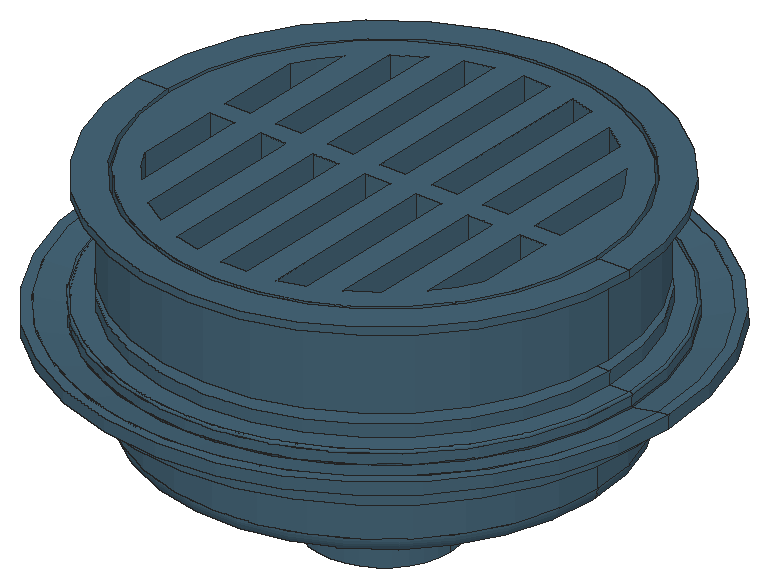
Revit family "Drain_Floor_Adjustable_Top-Zurn-Z521-Heavy-Duty", category Plumbing Fixtures, Revit 2022
Family settings
  Round Connector Dimension = Use Radius
  Part Type = Normal
  OmniClass Number = 23.45.55.21
  OmniClass Title = Drains (Wastes)
  Work Plane-Based = No
  Always vertical = Yes
  Cut with Voids When Loaded = No
  Maintain Annotation Orientation = No
  Shared = No
  Room Calculation Point = No
Parameters (values of type "Load Family Type Catalog")
  ZN = no
  Z = yes
  Width = 12.930"
  Waste Connection = 1 = 1  # yes
  WFU = 1  # constant formula
  Vent Connection = 1 = 0  # no
  URL = "www.zurn.com"
  Type Comments = "Z521-3 Inch Inside Caulk"
  Top Material = Iron - Zurn - Cast - Painted - Blue
  Product data url = "https://www.bimobject.com/en-us/zurnindustries/product/zurn-z521"
  Product Page URL = "https://www.zurn.com/products/drainage-interceptors/floor-drains/area-drains/z521"
  Product Documentation Link = "https://files.zurn.com/spec-sheets/z521.pdf"
  Pipe Size_A Outer Diameter = 3.500"
  Pipe Size_A Nominal Diameter = 3.000"
  Pipe Size_A Inside Diameter = 3.068"
  Modified Date = "02/27/2026"  # constant formula
  Model = "Z521"
  Manufacurer Brand = "Zurn"  # constant formula
  Manufacturer = "Zurn Water, LLC"  # constant formula
  Main Material = Iron - Zurn - Cast - Painted - Blue
  HWFU = 0  # constant formula
  HW Connection = 1 = 0  # no
  Grate Open Area = 10058.4 mm
  Frame Adjustment Height [instance] = if(Z, if(Enter Value Frame Adjustment Height < 3.063", 3.063", if(Enter Value Frame Adjustment Height > 5.000", 5.000", Enter Value Frame Adjustment Height)), if(ZN, if(Enter Value Frame Adjustment Height < 3.251", 3.251", if(Enter Value Frame Adjustment Height > 5.188", 5.188", Enter Value Frame Adjustment Height)), Enter Value Frame Adjustment Height))  # 3.063"
  Enter Value Frame Adjustment Height [instance] = 0.000"
  Description = "12-1/4 [311] DIAMETER TOP ADJUSTABLE HEAVY-DUTY DRAIN"  # constant formula
  Default Elevation = 20.000"  # constant formula
  Date Created = "03/23/2021"  # constant formula
  Connector Radius = Pipe Size_A Nominal Diameter / 2  # 1.500"
  CWFU = 0  # constant formula
  CW Connection = 1 = 0  # no
  Body Height_E = 5.250"
  Assembly Code = "D2030300"
  Approx. Weight (Lbs) = 60.000"
Reference planes (in)
  plane 1 "Center (Front/Back)": y = 0
  plane 2: z = 0
  plane 3 "Center (Left/Right)": x = 0
  plane 4: x = 5.68452
  plane 5: x = 6.465
  plane 6: x = -6.465
  plane 7: x = 4.6525
  plane 8: x = 4.2775
  plane 9: z = -0.25
  plane 10: z = -1.6875
  plane 11: z = -2.3125
  plane 12: z = -5.1875
  plane 13: x = 5.40227
  plane 14: x = 7.24602
  plane 15: x = 5.99602
  plane 16: x = 7.5
  plane 17: x = -7.5
  plane 18: z = -3.063
  plane 19: z = -8.4576
  plane 20: x = 1.75
  plane 21: x = -1.534
  plane 22: x = -1.75
  plane 23: x = 1.534
  plane 24 "001": z = -8.313
  plane 25: z = -0.625
  plane 26: x = 1.5
  plane 27: x = -1.5
  plane 28: y = 1.5
  plane 29: y = -1.5
  plane 30: x = -5.594
  plane 31: x = 5.594
Forms (in)
  Revolve 1, solid, material "Iron - Zurn - Cast - Painted - Blue" <- "Main Material", detail levels fine
    sketch origin (0.02827, 0, 0.04052) x (1, 0, 0) y (0, 0, 1)
      loop
        line (5.65625, -0.22752) -> (5.65625, -1.72802) -> (4.24923, -1.72802) -> (4.24923, -5.22802) -> (4.62423, -5.22802) -> (4.62423, -2.35302) -> (5.90625, -2.35302) -> (5.90625, -0.22752) -> (5.65625, -0.22752)
      axis (-0.02827, -0.22752) -> (-0.02827, -5.22802)
    angle from 0 to 360
  Revolve 2, solid, material "Iron - Zurn - Cast - Painted - Blue" <- "Main Material", detail levels fine
    sketch origin (-0.00398, 0, 0.00386) x (1, 0, 0) y (0, 0, 1)
      loop
        line (7.50398, -3.06686) -> (7.25398, -3.06686) -> (6.00398, -3.313) -> (5.44148, -3.313) -> (5.44148, -3.6693) -> (4.65648, -3.6693) -> (4.65648, -5.6255) -> (1.53798, -5.6255) -> (1.53798, -8.31686) -> (1.75398, -8.31686) -> (1.75398, -5.8755) -> (5.21898, -5.8755)
        arc (5.21898, -5.8755) -> (5.50889, -5.75541) -> (5.62898, -5.4655) r 0.41
        line (5.62898, -5.4655) -> (5.62898, -4.06686) -> (6.69148, -4.06686) -> (6.69148, -3.37936) -> (7.50398, -3.37936) -> (7.50398, -3.06686)
      axis (0.00398, -3.06686) -> (0.00398, -8.31686)
    angle from 0 to 360
  Revolve 3, solid, material "Iron - Zurn - Cast - Painted - Blue" <- "Main Material", detail levels fine
    sketch origin (0, 0, 0.00386) x (1, 0, 0) y (0, 0, 1)
      loop
        line (-6.53158, -2.94186) -> (-6.53158, -3.19186)
        arc (-6.53158, -3.19186) -> (-6.51327, -3.23605) -> (-6.46908, -3.25436) r 0.0625
        line (-6.46908, -3.25436) -> (-5.96139, -3.25436) -> (-5.96139, -3.56686) -> (-4.78158, -3.56686) -> (-4.78158, -2.86934) -> (-4.78158, -2.56686) -> (-5.96139, -2.56686) -> (-5.96139, -2.87936) -> (-6.46908, -2.87936)
        arc (-6.46908, -2.87936) -> (-6.51327, -2.89766) -> (-6.53158, -2.94186) r 0.0625
      axis (0, -3.56686) -> (0, -2.56686)
    angle from 0 to 360
  Revolve 4, solid, material "Iron - Zurn - Cast - Painted - Blue" <- "Top Material", detail levels fine
    sketch origin (0, 0, 0) x (1, 0, 0) y (0, 0, 1)
      loop
        line (5.68452, 0) -> (5.68452, -0.187) -> (6.465, -0.187) -> (6.465, 0) -> (5.68452, 0)
      axis (0, 0) -> (0, -0.187)
    angle from 0 to 360
Lines and regions (in)
  Masking region 1, detail levels fine
    outline origin (0, 0, 0) x (1, 0, 0) y (0, 1, 0)
      loop
        circle (0, 0) r 7.5
  model lines, detail levels coarse+medium
    curve 1: arc (-5.59375, 0, 0) -> (0, -5.59375, 0) -> (5.59375, 0, 0) r 5.59375
    curve 2: arc (5.59375, 0, 0) -> (0, 5.59375, 0) -> (-5.59375, 0, 0) r 5.59375
    curve 3: arc (6.465, 0, 0) -> (0, 6.465, 0) -> (-6.465, 0, 0) r 6.465
    curve 4: arc (-6.465, 0, 0) -> (0, -6.465, 0) -> (6.465, 0, 0) r 6.465
    curve 5: line (0, 0, 0) -> (0, 0, -8.313)
    curve 6: line (-1.5, 0, -8.313) -> (1.5, 0, -8.313)
    curve 7: line (0, 1.5, -8.313) -> (0, -1.5, -8.313)
    curve 8: line (-4.66167, 3.09175, 0) -> (-4.66167, -3.09175, 0)
    curve 9: line (-3.72933, 4.16919, 0) -> (-3.72933, -4.16919, 0)
    curve 10: line (-2.797, 4.84426, 0) -> (-2.797, -4.84426, 0)
    curve 11: line (-1.86467, 5.27381, 0) -> (-1.86467, -5.27381, 0)
    curve 12: line (-0.93233, 5.5155, 0) -> (-0.93233, -5.5155, 0)
    curve 13: line (0, 5.59375, 0) -> (0, -5.59375, 0)
    curve 14: line (4.66167, 3.09175, 0) -> (4.66167, -3.09175, 0)
    curve 15: line (3.72933, 4.16919, 0) -> (3.72933, -4.16919, 0)
    curve 16: line (2.797, 4.84426, 0) -> (2.797, -4.84426, 0)
    curve 17: line (1.86467, 5.27381, 0) -> (1.86467, -5.27381, 0)
    curve 18: line (0.93233, 5.5155, 0) -> (0.93233, -5.5155, 0)
Dimensions and locks (in)
  locked: Revolve 1 sketch curve to plane 4 at 0.25
  equal spacing: plane 5, plane 3 "Center (Left/Right)", plane 6
  "Width": plane 5 to plane 6
  locked: plane 7 to plane 8 at 0.375
  locked: plane 5 to plane 7 at 1.8125
  locked: level to plane 9 at 0.25
  locked: level to plane 10 at 1.6875
  locked: plane 10 to plane 11 at 0.625
  equal spacing: plane 16, plane 3 "Center (Left/Right)", plane 17
  locked: plane 16 to plane 17 at 15
  locked: Revolve 2 sketch curve to Revolve 2 sketch curve at 0.25  (x2)
  locked: Revolve 2 sketch curve to Revolve 2 sketch curve at 1.5
  locked: Revolve 2 sketch curve to Revolve 2 sketch curve at 0.5625
  "Frame Adjustment Height": level to plane 18
  equal spacing: plane 23, plane 3 "Center (Left/Right)", plane 21
  "Pipe Size_A Inside Diameter": plane 23 to plane 21
  equal spacing: plane 20, plane 3 "Center (Left/Right)", plane 22
  "Pipe Size_A Outer Diameter": plane 20 to plane 22
  "Body Height_E": plane 18 to plane 24 "001"
  locked: Revolve 3 sketch curve to Revolve 3 sketch curve at 0.375
  locked: Revolve 3 sketch curve to Revolve 3 sketch curve at 0.3125  (x2)
  locked: Revolve 3 sketch curve to Revolve 3 sketch curve at 1.75
  plane 18 to Revolve 2 sketch curve to Revolve 2 sketch curve to Revolve 2 sketch curve = 0.3125" locked, 0.6875" locked, 1.80864" locked
  locked: plane 16 to Revolve 2 sketch curve at 1.875
  locked: plane 16 to Revolve 2 sketch curve at 0.8125
  equal spacing: Revolve 3 sketch curve, plane 18, Revolve 3 sketch curve, locked at 0.5 each
  locked: nested 1 to plane 1 "Center (Front/Back)"
  locked: nested 1 to plane 3 "Center (Left/Right)"
  locked: level to plane 25 at 0.625
  equal spacing: plane 27, plane 3 "Center (Left/Right)", plane 26
  "Pipe Size_A Nominal Diameter": plane 27 to plane 26
  equal spacing: plane 29, plane 1 "Center (Front/Back)", plane 28
  "Pipe Size_A Nominal Diameter": plane 29 to plane 28
  locked: plane 18 to Revolve 2 sketch curve at 0.60245
  locked: plane 18 to Revolve 2 sketch curve at 0.24614
  locked: Revolve 3 sketch curve to Revolve 3 sketch curve at 1.17981
  locked: Revolve 4 sketch curve to Revolve 4 sketch curve at 0.187
  locked: level to Revolve 1 sketch curve at 0.187
  locked: Revolve 3 sketch curve to plane 6 at 0.06658
  locked: Revolve 4 sketch curve to plane 3 "Center (Left/Right)" at 5.68452
  equal spacing: plane 30, curve 8, curve 9, curve 10, curve 11, curve 12, curve 13, curve 18, curve 17, curve 16, curve 15, curve 14, plane 31, locked at 0.93233 each
  aligned and locked: plane 2 to level
  aligned and locked: Revolve 1 sketch curve to plane 4
  aligned and locked: Revolve 1 sketch curve to plane 3 "Center (Left/Right)"
  aligned and locked: plane 7 to Revolve 1 sketch curve
  aligned and locked: Revolve 1 sketch curve to plane 8
  aligned and locked: plane 10 to Revolve 1 sketch curve
  aligned and locked: Revolve 1 sketch curve to plane 11
  aligned and locked: Revolve 1 sketch curve to plane 12
  aligned and locked: Revolve 2 sketch curve to plane 16
  aligned and locked: Revolve 2 sketch curve to plane 3 "Center (Left/Right)"
  aligned and locked: Revolve 2 sketch curve to plane 18
  aligned and locked: Revolve 2 sketch curve to plane 20
  aligned and locked: plane 23 to Revolve 2 sketch curve
  aligned and locked: plane 24 "001" to Revolve 2 sketch curve
  aligned and locked: Revolve 2 sketch curve to plane 7
  aligned and locked: nested 1 to plane 25
  aligned and locked: curve 1 to nested 1
  aligned and locked: curve 2 to nested 1
  aligned and locked: level to curve 5
  aligned and locked: plane 24 "001" to curve 5
  aligned and locked: curve 5 to plane 3 "Center (Left/Right)"
  aligned and locked: plane 27 to curve 6
  aligned and locked: plane 26 to curve 6
  aligned and locked: plane 1 "Center (Front/Back)" to curve 6
  aligned and locked: plane 28 to curve 7
  aligned and locked: plane 29 to curve 7
  aligned and locked: curve 7 to plane 3 "Center (Left/Right)"
  aligned and locked: Masking region 1 sketch curve to Revolve 2  (x2)
  aligned and locked: Revolve 3 sketch curve to Revolve 3 sketch curve
  aligned and locked: plane 5 to Revolve 4 sketch curve
  aligned and locked: level to Revolve 4 sketch curve
  aligned and locked: curve 3 to Revolve 4 sketch curve
  aligned and locked: plane 1 "Center (Front/Back)" to curve 3
  aligned and locked: plane 3 "Center (Left/Right)" to curve 3
Automatic sketch dimensions
  Revolve 2 sketch curve to Revolve 2 sketch curve = 0.5625"
  Revolve 2 sketch curve to plane 19 = 6.41404"
  plane 10 to Revolve 2 sketch curve = 0.31586"
  Revolve 1 sketch curve to plane 12 = 1.58448"
  level to Revolve 1 sketch curve = 0.97802"
  curve 4 to plane 6 = 0.000"
  Revolve 3 sketch curve to plane 3 "Center (Left/Right)" = 0.000"
  Revolve 3 sketch curve to plane 6 = 0.00408"  (x2)
  plane 18 to Revolve 3 sketch curve = 0.19752"
  Revolve 3 sketch curve to plane 12 = 0.22729"
  Revolve 3 sketch curve to plane 10 = 0.3125"
  Revolve 4 sketch curve to plane 3 "Center (Left/Right)" = 0.000"
  Revolve 4 sketch curve to plane 9 = 0.000"
Nested families (in)
  nested 1: "Grate" at (0, 0, 0), Main Material <- "Top Material", type "Grate", detail levels fine
    with Main Material Iron - Zurn - Cast - Painted - Blue
Connectors (in)
  piping at (0, 0, -8.313), diameter 3, driven by "Connector Radius", driven by "Waste Connection"
    settings: on Revolve 2, index 1, connector inside diameter 24", connector length 0.000", flow factor 0, pipe flow 0 GPM, pressure drop 0.00 psi, fitting loss kfactor 0, connector angle 0.00°, fixture units 0, engagement length 0.000", angle of deflection 0.00°, flow configuration 0, flow direction 2, fitting loss method 0, system type 16, joint type 0, gender type 0, connector reference index -1, connector utility 1, adjustable connector no, is connector primary yes, connector description "Sanitary Outlet"
Definition of nested family "Grate"
  Parameters (values of type "Grate")
    WFU = 1  # constant formula
    URL = "www.zurn.com"
    Product data url = "https://www.bimobject.com/en-us/zurnindustries/product/zurn-z1735"
    Product Page URL = "https://www.zurn.com/products/drainage-interceptors/floor-drains/area-drains/z1735"
    Product Installation Sheet URL = ""
    Product Documentation Link = "https://files.zurn.com/spec-sheets/z1735.pdf"
    Model = "Z1735"  # constant formula
    Main Material [instance] = none
    HWFU = 0  # constant formula
    Grate Open Area(Sq.In) = 33.00 SF
    Description = "12 [305] DIAMETER FLOOR DRAIN"  # constant formula
    CWFU = 0  # constant formula
    Assembly Code = "D2030300"
    Modified Date = "11/03/2025"  # constant formula
    Manufacurer Brand = "Zurn"  # constant formula
    Manufacturer = "Zurn Water, LLC"  # constant formula
    Default Elevation = 0.000"
    Date Created = ""
    Approx. Weight (Lbs) = 50.000"
  Reference planes (in)
    plane 1 "Center (Front/Back)": y = 0
    plane 2: z = 0
    plane 3 "Center (Left/Right)": x = 0
    plane 4: x = -7.5
    plane 5: x = 7.5
    plane 6: x = -5.9375
    plane 7: x = 5.9375
    plane 8: x = 3.0325
    plane 9: x = -3.0325
    plane 10: z = -6
    plane 11: z = -2
    plane 12: z = -4.188
    plane 13: x = 3.3125
    plane 14: x = -3.3125
    plane 15: y = 3.3125
    plane 16: y = -3.3125
    plane 17: x = -5.0738
    plane 18: x = 5.14032
    plane 19: y = 5.9375
    plane 20: y = -5.9375
  Forms (in)
    Extrusion 1, solid, material <- "Main Material"
      sketch origin (-0.0611, 0, -0.125) x (1, 0, 0) y (0, 1, 0)
        loop
          circle (0.0611, 0) r 5.59375
      from 0.125 to -0.5
    Extrusion 2, void
      sketch origin (-0.28307, 0, 0) x (1, 0, 0) y (0, 1, 0)
        loop
          line (-0.02414, 0.25) -> (0.6568, 0.25) -> (0.6568, 4.98601)
          arc (0.6568, 4.98601) -> (0.31641, 4.99989) -> (-0.02414, 4.99055) r 5
          line (-0.02414, 4.99055) -> (-0.02414, 0.25)
        loop
          line (-1.38602, 0.25) -> (-0.70508, 0.25) -> (-0.70508, 4.90138)
          arc (-0.70508, 4.90138) -> (-1.04888, 4.81933) -> (-1.38602, 4.71319) r 5
          line (-1.38602, 4.71319) -> (-1.38602, 0.25)
        loop
          line (-2.7479, 0.25) -> (-2.06696, 0.25) -> (-2.06696, 4.41331)
          arc (-2.06696, 4.41331) -> (-2.41628, 4.20874) -> (-2.7479, 3.97658) r 5
          line (-2.7479, 3.97658) -> (-2.7479, 0.25)
        loop
          line (-4.10979, 0.25) -> (-3.42885, 0.25) -> (-3.42885, 3.34988)
          arc (-3.42885, 3.34988) -> (-3.79775, 2.8891) -> (-4.10979, 2.38805) r 5
          line (-4.10979, 2.38805) -> (-4.10979, 0.25)
        loop
          line (2.01869, 0.25) -> (2.01869, 4.6891)
          arc (2.01869, 4.6891) -> (1.68174, 4.80039) -> (1.33775, 4.8875) r 5
          line (1.33775, 4.8875) -> (1.33775, 0.25) -> (2.01869, 0.25)
        loop
          line (3.38057, 0.25) -> (3.38057, 3.92498)
          arc (3.38057, 3.92498) -> (3.04936, 4.16505) -> (2.69963, 4.37724) r 5
          line (2.69963, 4.37724) -> (2.69963, 0.25) -> (3.38057, 0.25)
        loop
          line (4.74245, 0.25) -> (4.74245, 2.26139)
          arc (4.74245, 2.26139) -> (4.43302, 2.78889) -> (4.06151, 3.27466) r 5
          line (4.06151, 3.27466) -> (4.06151, 0.25) -> (4.74245, 0.25)
        loop
          line (-0.02414, -0.25) -> (-0.02414, -4.99055)
          arc (-0.02414, -4.99055) -> (0.31641, -4.99989) -> (0.6568, -4.98601) r 5
          line (0.6568, -4.98601) -> (0.6568, -0.25) -> (-0.02414, -0.25)
        loop
          line (-1.38602, -0.25) -> (-1.38602, -4.71319)
          arc (-1.38602, -4.71319) -> (-1.04888, -4.81933) -> (-0.70508, -4.90138) r 5
          line (-0.70508, -4.90138) -> (-0.70508, -0.25) -> (-1.38602, -0.25)
        loop
          line (-2.7479, -0.25) -> (-2.7479, -3.97658)
          arc (-2.7479, -3.97658) -> (-2.41628, -4.20874) -> (-2.06696, -4.41331) r 5
          line (-2.06696, -4.41331) -> (-2.06696, -0.25) -> (-2.7479, -0.25)
        loop
          line (-4.10979, -0.25) -> (-4.10979, -2.38805)
          arc (-4.10979, -2.38805) -> (-3.79775, -2.8891) -> (-3.42885, -3.34988) r 5
          line (-3.42885, -3.34988) -> (-3.42885, -0.25) -> (-4.10979, -0.25)
        loop
          line (2.01869, -0.25) -> (1.33775, -0.25) -> (1.33775, -4.8875)
          arc (1.33775, -4.8875) -> (1.68174, -4.80039) -> (2.01869, -4.6891) r 5
          line (2.01869, -4.6891) -> (2.01869, -0.25)
        loop
          line (3.38057, -0.25) -> (2.69963, -0.25) -> (2.69963, -4.37724)
          arc (2.69963, -4.37724) -> (3.04936, -4.16505) -> (3.38057, -3.92498) r 5
          line (3.38057, -3.92498) -> (3.38057, -0.25)
        loop
          line (4.74245, -0.25) -> (4.06151, -0.25) -> (4.06151, -3.27466)
          arc (4.06151, -3.27466) -> (4.43302, -2.78889) -> (4.74245, -2.26139) r 5
          line (4.74245, -2.26139) -> (4.74245, -0.25)
      from -0.625 to 0
  Cuts and joins
    Extrusion 2 cuts Extrusion 1
  Dimensions and locks (in)
    equal spacing: plane 5, plane 3 "Center (Left/Right)", plane 4, locked at 7.5 each
    locked: plane 5 to plane 4 at 15
    equal spacing: plane 7, plane 3 "Center (Left/Right)", plane 6, locked at 5.9375 each
    locked: plane 7 to plane 6 at 11.875
    equal spacing: plane 8, plane 3 "Center (Left/Right)", plane 9
    locked: plane 8 to plane 9 at 6.065
    locked: level to plane 10 at 6
    locked: level to plane 11 at 2
    locked: level to plane 12 at 4.188
    equal spacing: plane 14, plane 3 "Center (Left/Right)", plane 13
    locked: plane 14 to plane 13 at 6.625
    locked: level to Extrusion 1 at 0.625
    locked: plane 1 "Center (Front/Back)" to Extrusion 2 sketch curve at 0.25  (x2)
    equal spacing: plane 15, plane 1 "Center (Front/Back)", plane 16
    locked: plane 15 to plane 16 at 6.625
    plane 17 to plane 3 "Center (Left/Right)" to plane 18 = 5.0738" locked, 5.14032" locked
    plane 17 to cut or joined group of Extrusion 1, Extrusion 2 to cut or joined group of Extrusion 1, Extrusion 2 to cut or joined group of Extrusion 1, Extrusion 2 to cut or joined group of Extrusion 1, Extrusion 2 to cut or joined group of Extrusion 1, Extrusion 2 to cut or joined group of Extrusion 1, Extrusion 2 to cut or joined group of Extrusion 1, Extrusion 2 to cut or joined group of Extrusion 1, Extrusion 2 to cut or joined group of Extrusion 1, Extrusion 2 to cut or joined group of Extrusion 1, Extrusion 2 to cut or joined group of Extrusion 1, Extrusion 2 to cut or joined group of Extrusion 1, Extrusion 2 to cut or joined group of Extrusion 1, Extrusion 2 to cut or joined group of Extrusion 1, Extrusion 2 to plane 18 = 0.68094" locked, 0.68094" locked, 0.68094" locked, 0.68094" locked, 0.68094" locked, 0.68094" locked, 0.68094", 0.68094" locked, 0.68094" locked, 0.68094" locked, 0.68094" locked, 0.68094" locked, 0.68094" locked, 0.68094" locked, 0.68094" locked
    plane 6 to plane 7 = 11.875"
    equal spacing: plane 17, cut or joined group of Extrusion 1, Extrusion 2, cut or joined group of Extrusion 1, Extrusion 2, cut or joined group of Extrusion 1, Extrusion 2, cut or joined group of Extrusion 1, Extrusion 2, cut or joined group of Extrusion 1, Extrusion 2, cut or joined group of Extrusion 1, Extrusion 2, cut or joined group of Extrusion 1, Extrusion 2, cut or joined group of Extrusion 1, Extrusion 2, cut or joined group of Extrusion 1, Extrusion 2, cut or joined group of Extrusion 1, Extrusion 2, cut or joined group of Extrusion 1, Extrusion 2, cut or joined group of Extrusion 1, Extrusion 2, cut or joined group of Extrusion 1, Extrusion 2, cut or joined group of Extrusion 1, Extrusion 2, plane 18
    plane 19 to plane 1 "Center (Front/Back)" to plane 20 = 5.9375" locked, 5.9375" locked
    plane 19 to plane 20 = 11.875"
    diameter of Extrusion 1 sketch curve = 11.1875"
    radius of Extrusion 2 sketch curve = 5.000"  (x14)
    aligned and locked: plane 2 to level
    aligned and locked: plane 1 "Center (Front/Back)" to Extrusion 1 sketch curve
    aligned and locked: level to Extrusion 1
    aligned and locked: plane 3 "Center (Left/Right)" to Extrusion 1 sketch curve
    aligned and locked: plane 3 "Center (Left/Right)" to Extrusion 2 sketch curve  (x3)
    aligned and locked: Extrusion 2 sketch curve to Extrusion 2 sketch curve  (x11)
    aligned and locked: Extrusion 1 to Extrusion 2
    aligned and locked: level to Extrusion 2
    aligned and locked: plane 1 "Center (Front/Back)" to Extrusion 2 sketch curve  (x12)
  Automatic sketch dimensions
    Extrusion 2 sketch curve to plane 3 "Center (Left/Right)" = 0.30721"
    Extrusion 2 sketch curve to Extrusion 2 sketch curve = 0.68094"  (x6)
    Extrusion 2 sketch curve to Extrusion 2 sketch curve = 0.000"  (x22)
    plane 9 to Extrusion 2 sketch curve = 0.00153"  (x2)
    plane 16 to Extrusion 2 sketch curve = 0.03738"
    plane 3 "Center (Left/Right)" to Extrusion 2 sketch curve = 0.37373"  (x2)
    Extrusion 2 sketch curve to plane 1 "Center (Front/Back)" = 0.250"
    plane 8 to Extrusion 2 sketch curve = 0.065"  (x2)
    plane 9 to Extrusion 2 sketch curve = 0.68247"
    Extrusion 2 sketch curve to plane 8 = 0.61594"
    plane 15 to Extrusion 2 sketch curve = 0.03784"
    Extrusion 2 sketch curve to plane 18 = 0.68094"
    Extrusion 2 sketch curve to Extrusion 2 sketch curve = 0.09851"
Types in the file's own list only (22): name | ZN | Z | Width | Type Comments | Top Material | Pipe Size_A Outer Diameter | Pipe Size_A Nominal Diameter | Pipe Size_A Inside Diameter | Model | Grate Open Area | Default Elevation | Connector Radius | Body Height_E | Approx. Weight (Lbs)
  Z521 3IC | No | Yes | 12.250 " | "Z521 3 Inch Inside Caulk" | Iron - Zurn - Cast - Painted - Blue | 3.500 " | 3.000 " | 3.068 " | "Z521" | 33 ' | 20.000 " | 1.500 " | 5.250 " | 60.000 "
  Z521 4IC | No | Yes | 12.250 " | "Z521 4 Inch Inside Caulk" | Iron - Zurn - Cast - Painted - Blue | 4.500 " | 4.000 " | 4.026 " | "Z521" | 33 ' | 20.000 " | 2.000 " | 5.250 " | 60.000 "
  Z521 6IC | No | Yes | 12.250 " | "Z521 6 Inch Inside Caulk" | Iron - Zurn - Cast - Painted - Blue | 6.625 " | 6.000 " | 6.065 " | "Z521" | 33 ' | 20.000 " | 3.000 " | 5.250 " | 57.000 "
  Z521 2NH | No | Yes | 12.250 " | "Z521 2 Inch No-Hub" | Iron - Zurn - Cast - Painted - Blue | 2.375 " | 2.000 " | 2.067 " | "Z521" | 33 ' | 20.000 " | 1.000 " | 5.250 " | 60.000 "
  Z521 3NH | No | Yes | 12.250 " | "Z521 3 Inch No-Hub" | Iron - Zurn - Cast - Painted - Blue | 3.500 " | 3.000 " | 3.068 " | "Z521" | 33 ' | 20.000 " | 1.500 " | 5.250 " | 60.000 "
  Z521 4NH | No | Yes | 12.250 " | "Z521 4 Inch No-Hub" | Iron - Zurn - Cast - Painted - Blue | 4.500 " | 4.000 " | 4.026 " | "Z521" | 33 ' | 20.000 " | 2.000 " | 5.250 " | 60.000 "
  Z521 6NH | No | Yes | 12.250 " | "Z521 6 Inch No-Hub" | Iron - Zurn - Cast - Painted - Blue | 6.625 " | 6.000 " | 6.065 " | "Z521" | 33 ' | 20.000 " | 3.000 " | 5.250 " | 57.000 "
  Z521 8NH | No | Yes | 12.250 " | "Z521 8 Inch No-Hub" | Iron - Zurn - Cast - Painted - Blue | 8.625 " | 8.000 " | 7.981 " | "Z521" | 33 ' | 20.000 " | 4.000 " | 5.250 " | 58.000 "
  Z521 2NL | No | Yes | 12.250 " | "Z521 2 Inch Neo-Loc" | Iron - Zurn - Cast - Painted - Blue | 2.375 " | 2.000 " | 2.067 " | "Z521" | 33 ' | 20.000 " | 1.000 " | 4.625 " | 60.000 "
  Z521 3NL | No | Yes | 12.250 " | "Z521 3 Inch Neo-Loc" | Iron - Zurn - Cast - Painted - Blue | 3.500 " | 3.000 " | 3.068 " | "Z521" | 33 ' | 20.000 " | 1.500 " | 4.625 " | 60.000 "
  Z521 4NL | No | Yes | 12.250 " | "Z521 4 Inch Neo-Loc" | Iron - Zurn - Cast - Painted - Blue | 4.500 " | 4.000 " | 4.026 " | "Z521" | 33 ' | 20.000 " | 2.000 " | 4.625 " | 60.000 "
  ZN521 3IC | Yes | No | 12.930 " | "ZN521 3 Inch Inside Caulk" | Bronze - Zurn - Polished Nickel | 3.500 " | 3.000 " | 3.068 " | "ZN521" | 33 ' | 20.000 " | 1.500 " | 5.250 " | 60.000 "
  ZN521 4IC | Yes | No | 12.930 " | "ZN521 4 Inch Inside Caulk" | Bronze - Zurn - Polished Nickel | 4.500 " | 4.000 " | 4.026 " | "ZN521" | 33 ' | 20.000 " | 2.000 " | 5.250 " | 60.000 "
  ZN521 6IC | Yes | No | 12.930 " | "ZN521 6 Inch Inside Caulk" | Bronze - Zurn - Polished Nickel | 6.625 " | 6.000 " | 6.065 " | "ZN521" | 33 ' | 20.000 " | 3.000 " | 5.250 " | 57.000 "
  ZN521 2NH | Yes | No | 12.930 " | "ZN521 2 Inch No-Hub" | Bronze - Zurn - Polished Nickel | 2.375 " | 2.000 " | 2.067 " | "ZN521" | 33 ' | 20.000 " | 1.000 " | 5.250 " | 60.000 "
  ZN521 3NH | Yes | No | 12.930 " | "ZN521 3 Inch No-Hub" | Bronze - Zurn - Polished Nickel | 3.500 " | 3.000 " | 3.068 " | "ZN521" | 33 ' | 20.000 " | 1.500 " | 5.250 " | 60.000 "
  ZN521 4NH | Yes | No | 12.930 " | "ZN521 4 Inch No-Hub" | Bronze - Zurn - Polished Nickel | 4.500 " | 4.000 " | 4.026 " | "ZN521" | 33 ' | 20.000 " | 2.000 " | 5.250 " | 60.000 "
  ZN521 6NH | Yes | No | 12.930 " | "ZN521 6 Inch No-Hub" | Bronze - Zurn - Polished Nickel | 6.625 " | 6.000 " | 6.065 " | "ZN521" | 33 ' | 20.000 " | 3.000 " | 5.250 " | 57.000 "
  ZN521 8NH | Yes | No | 12.930 " | "ZN521 8 Inch No-Hub" | Bronze - Zurn - Polished Nickel | 8.625 " | 8.000 " | 7.981 " | "ZN521" | 33 ' | 20.000 " | 4.000 " | 5.250 " | 58.000 "
  ZN521 2NL | Yes | No | 12.930 " | "ZN521 2 Inch Neo-Loc" | Bronze - Zurn - Polished Nickel | 2.375 " | 2.000 " | 2.067 " | "ZN521" | 33 ' | 20.000 " | 1.000 " | 4.625 " | 60.000 "
  ZN521 3NL | Yes | No | 12.930 " | "ZN521 3 Inch Neo-Loc" | Bronze - Zurn - Polished Nickel | 3.500 " | 3.000 " | 3.068 " | "ZN521" | 33 ' | 20.000 " | 1.500 " | 4.625 " | 60.000 "
  ZN521 4NL | Yes | No | 12.930 " | "ZN521 4 Inch Neo-Loc" | Bronze - Zurn - Polished Nickel | 4.500 " | 4.000 " | 4.026 " | "ZN521" | 33 ' | 20.000 " | 2.000 " | 4.625 " | 60.000 "
